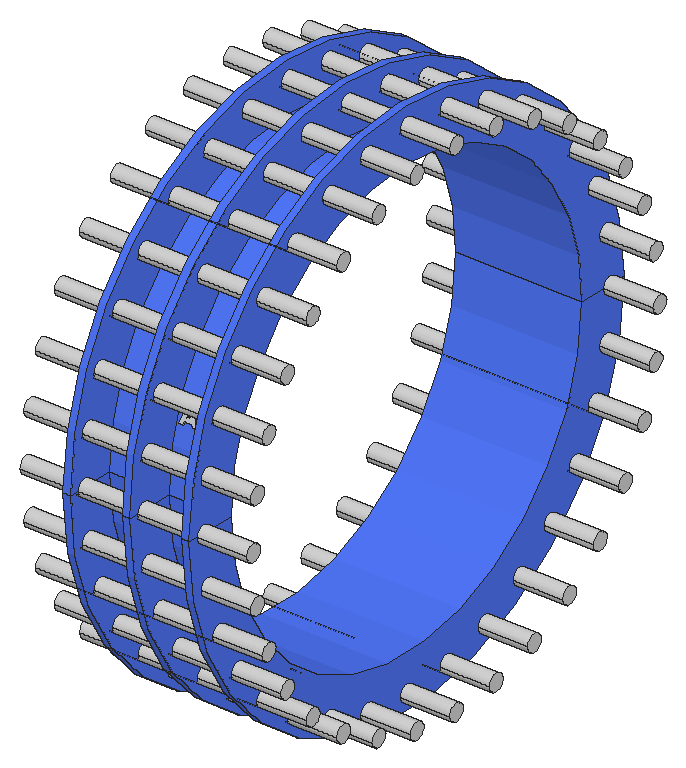
Revit family "873-00-001-DN1100-1200", category Generic Models, Revit 2019
Family settings
  Can host rebar = No
  Round Connector Dimension = Use Diameter
  Part Type = Normal
  Work Plane-Based = No
  Always vertical = Yes
  Cut with Voids When Loaded = No
  Shared = No
  Room Calculation Point = No
Parameters (values of type "DN1200_PN16")
  d2 = size_lookup(Search_table, "d2", 0 mm, DN) / 2  # 742.5 mm
  d1 = size_lookup(Search_table, "d1", 0 mm, DN)  # 1390 mm
  URL product pages = "https://www.avkvalves.com/P.aspx?no=873004000141000"
  T = size_lookup(Search_table, "T", 0 mm, DN)  # 45 mm
  L = size_lookup(Search_table, "L", 0 mm, DN)  # 620 mm
  Id(Radius) = DN / 2  # 600.05 mm
  Flange_thickness = 20 mm  # constant formula
  Description_ = "AVK DISMANTLING JOINT"
  DN = 1200.1 mm
  Search_table = "873-00-001-DN1100-1200"
  Body_Wallthicknss = 10 mm  # constant formula
  Angle = 22.50°  # constant formula
  A = size_lookup(Search_table, "A", 0 mm, DN)  # 345 mm
  873-1200-00-141000 = "DN1200_PN16"
  873-1200-00-041000 = "DN1200_PN10"
  873-1100-00-141000 = "DN1100_PN16"
  873-1100-00-041000 = "DN1100_PN10"
Types (5, lengths in mm): name | d2 | d1 | T | L | Id(Radius) | DN | A
  (no name) | 742.5 | 1390 | 45 | 620 | 600.05 | 1200.1 | 345
  DN1100_PN10 | 670 | 1270 | 33 | 480 | 550 | 1100 | 320
  DN1100_PN16 | 677.5 | 1270 | 39 | 560 | 550.05 | 1100.1 | 320
  DN1200_PN10 | 727.5 | 1380 | 36 | 580 | 600 | 1200 | 345
  DN1200_PN16 | 742.5 | 1390 | 45 | 620 | 600.05 | 1200.1 | 345
Reference planes
  plane 1 "Center (Front/Back)": y = 0
  plane 2: z = 0
  plane 3 "Center (Left/Right)": x = 0
  plane 4: y = 32.5
  plane 5: y = -30
  plane 6: z = 695
  plane 7: z = -695
  plane 8: y = 695
  plane 9: y = -695
  plane 10: x = -310
  plane 11: x = 310
  plane 12: through (0, 0, 0) normal (0, 0.9808, 0.1951)
  plane 13: through (0, 0, 0) normal (0, 0.9239, 0.3827)
  plane 14: through (0, 0, 0) normal (0, 0.8315, 0.5556)
  plane 15: through (0, 0, 0) normal (0, 0.7071, 0.7071)
  plane 16: through (0, 0, 0) normal (0, 0.3827, 0.9239)
  plane 17: through (0, 0, 0) normal (0, 0.9808, -0.1951)
  plane 18: through (0, 0, 0) normal (0, 0.9239, -0.3827)
  plane 19: through (0, 0, 0) normal (0, 0.8315, -0.5556)
  plane 20: through (0, 0, 0) normal (0, 0.5556, -0.8315)
  plane 21: through (0, 0, 0) normal (0, 0.3827, -0.9239)
  plane 22: through (0, 0, 0) normal (0, 0.5556, 0.8315)
  plane 23: through (0, 0, 0) normal (0, 0.7071, -0.7071)
  plane 24: through (0, 0, 0) normal (0, 0.1951, 0.9808)
  plane 25: through (0, 0, 0) normal (0, 0.1951, -0.9808)
  plane 26: x = -172.5
  plane 27: x = 172.5
  plane 28: z = -742.5
  plane 29: z = 742.5
Forms (mm)
  Revolve 1, solid, material "Plastic"
    sketch origin (0, 0, 0) x (1, 0, 0) y (0, 1, 0)
      loop
        line (-152.5, 742.5) -> (-172.5, 742.5) -> (-172.5, 600.05) -> (172.5, 600.05) -> (172.5, 742.5) -> (152.5, 742.5) -> (152.5, 610.05) -> (10, 610.05) -> (10, 742.5) -> (-10, 742.5) -> (-10, 610.05) -> (-152.5, 610.05) -> (-152.5, 742.5)
      axis (-172.5, 0) -> (172.5, 0)
    angle from 0 to 360
  Extrusion 2, solid, material "Stainless Steel AISI 304"
    sketch origin (0, 0, 0) x (0, 1, 0) y (0, 0, 1)
      loop
        circle (0, 695) r 22.5
      loop
        circle (-695, 0) r 22.5
      loop
        circle (0, -695) r 22.5
      loop
        circle (695, 0) r 22.5
      loop
        circle (265.965, 642.096) r 22.5
      loop
        circle (-265.965, -642.096) r 22.5
      loop
        circle (135.588, 681.646) r 22.5
      loop
        circle (-135.588, -681.646) r 22.5
      loop
        circle (386.121, 577.871) r 22.5
      loop
        circle (491.439, 491.439) r 22.5
      loop
        circle (577.871, 386.121) r 22.5
      loop
        circle (642.096, 265.965) r 22.5
      loop
        circle (681.646, 135.588) r 22.5
      loop
        circle (681.646, -135.588) r 22.5
      loop
        circle (642.096, -265.965) r 22.5
      loop
        circle (577.871, -386.121) r 22.5
      loop
        circle (491.439, -491.439) r 22.5
      loop
        circle (386.121, -577.871) r 22.5
      loop
        circle (265.965, -642.096) r 22.5
      loop
        circle (135.588, -681.646) r 22.5
      loop
        circle (-386.121, -577.871) r 22.5
      loop
        circle (-491.439, -491.439) r 22.5
      loop
        circle (-577.871, -386.121) r 22.5
      loop
        circle (-642.096, -265.965) r 22.5
      loop
        circle (-681.646, -135.588) r 22.5
      loop
        circle (-681.646, 135.588) r 22.5
      loop
        circle (-642.096, 265.965) r 22.5
      loop
        circle (-577.871, 386.121) r 22.5
      loop
        circle (-491.439, 491.439) r 22.5
      loop
        circle (-386.121, 577.871) r 22.5
      loop
        circle (-265.965, 642.096) r 22.5
      loop
        circle (-135.588, 681.646) r 22.5
    from -310 to 310
Dimensions and locks
  "Flange_thickness": Revolve 1 sketch curve to Revolve 1 sketch curve  (x3)
  equal spacing: Revolve 1 sketch curve, plane 3 "Center (Left/Right)", Revolve 1 sketch curve  (x2)
  "A": Revolve 1 sketch curve to Revolve 1 sketch curve
  "Id(Radius)": plane 1 "Center (Front/Back)" to Revolve 1 sketch curve
  "Body_Wallthicknss": Revolve 1 sketch curve to Revolve 1 sketch curve
  "d2": plane 1 "Center (Front/Back)" to Revolve 1 sketch curve
  equal spacing: plane 6, level, plane 7
  equal spacing: plane 8, plane 1 "Center (Front/Back)", plane 9
  "d1": plane 8 to plane 9
  "d1": plane 6 to plane 7
  equal spacing: plane 11, plane 3 "Center (Left/Right)", plane 10
  "L": plane 11 to plane 10
  equal spacing: Extrusion 2 sketch curve, level, Extrusion 2 sketch curve
  "d1": Extrusion 2 sketch curve to Extrusion 2 sketch curve  (x16)
  equal spacing: Extrusion 2 sketch curve, plane 1 "Center (Front/Back)", Extrusion 2 sketch curve
  equal spacing: Extrusion 2 sketch curve, plane 24, Extrusion 2 sketch curve
  equal spacing: Extrusion 2 sketch curve, plane 16, Extrusion 2 sketch curve
  equal spacing: Extrusion 2 sketch curve, plane 22, Extrusion 2 sketch curve
  equal spacing: Extrusion 2 sketch curve, plane 15, Extrusion 2 sketch curve
  equal spacing: Extrusion 2 sketch curve, plane 14, Extrusion 2 sketch curve
  equal spacing: Extrusion 2 sketch curve, plane 13, Extrusion 2 sketch curve
  equal spacing: Extrusion 2 sketch curve, plane 12, Extrusion 2 sketch curve
  equal spacing: Extrusion 2 sketch curve, plane 17, Extrusion 2 sketch curve
  equal spacing: Extrusion 2 sketch curve, plane 18, Extrusion 2 sketch curve
  equal spacing: Extrusion 2 sketch curve, plane 19, Extrusion 2 sketch curve
  equal spacing: Extrusion 2 sketch curve, plane 23, Extrusion 2 sketch curve
  equal spacing: Extrusion 2 sketch curve, plane 20, Extrusion 2 sketch curve
  equal spacing: Extrusion 2 sketch curve, plane 21, Extrusion 2 sketch curve
  equal spacing: Extrusion 2 sketch curve, plane 25, Extrusion 2 sketch curve
  equal spacing: plane 27, plane 3 "Center (Left/Right)", plane 26
  "A": plane 27 to plane 26
  plane 6 to plane 7 = 1390 mm
  equal spacing: plane 29, level, plane 28
  "d2": level to plane 28
  plane 29 to plane 28 = 1485 mm
  "T": diameter of Extrusion 2 sketch curve  (x32)
  equal spacing: plane 1 "Center (Front/Back)", plane 17, plane 18, plane 19, plane 23, plane 20, plane 21, plane 25, level
  equal spacing: level, plane 24, plane 16, plane 22, plane 15, plane 14, plane 13, plane 12, plane 1 "Center (Front/Back)"
  aligned and locked: level to plane 2
  aligned and locked: Revolve 1 sketch curve to Revolve 1 sketch curve  (x3)
  aligned and locked: plane 1 "Center (Front/Back)" to Revolve 1 sketch curve
  aligned and locked: Extrusion 2 to plane 10
  aligned and locked: Extrusion 2 to plane 11
Automatic sketch dimensions
  Revolve 1 sketch curve to plane 3 "Center (Left/Right)" = 37.5 mm
  plane 3 "Center (Left/Right)" to Revolve 1 sketch curve = 37.5 mm
  plane 25 to Extrusion 2 sketch curve = 0 mm  (x2)
  Extrusion 2 sketch curve to plane 24 = 0 mm  (x2)
  Extrusion 2 sketch curve to plane 16 = 0 mm  (x2)
  plane 21 to Extrusion 2 sketch curve = 0 mm  (x2)
  Extrusion 2 sketch curve to plane 20 = 0 mm
  Extrusion 2 sketch curve to plane 22 = 0 mm  (x2)
  Extrusion 2 sketch curve to plane 23 = 0 mm
  Extrusion 2 sketch curve to plane 15 = 0 mm  (x2)
  Extrusion 2 sketch curve to plane 19 = 0 mm
  Extrusion 2 sketch curve to plane 14 = 0 mm
  Extrusion 2 sketch curve to plane 18 = 0 mm
  Extrusion 2 sketch curve to plane 13 = 0 mm  (x2)
  Extrusion 2 sketch curve to plane 12 = 0 mm
  plane 17 to Extrusion 2 sketch curve = 0 mm  (x2)
  Extrusion 2 sketch curve to plane 1 "Center (Front/Back)" = 0 mm  (x2)
  plane 12 to Extrusion 2 sketch curve = 0 mm
  plane 18 to Extrusion 2 sketch curve = 0 mm
  plane 19 to Extrusion 2 sketch curve = 0 mm
  plane 14 to Extrusion 2 sketch curve = 0 mm
  plane 23 to Extrusion 2 sketch curve = 0 mm
  plane 20 to Extrusion 2 sketch curve = 0 mm
  Extrusion 2 sketch curve to level = 0 mm  (x2)
Nested families
  nested 1: "LOGO 3" at (81.556, -586.029, 169.501) x (1, 0, 0) z (0, -0.9606, 0.2778), type "LOGO 3"
Connectors
  piping at (172.5, 0, 0), diameter 1200.1, driven by "DN"
    settings: on Revolve 1, index 1, connector inside diameter 609.6 mm, connector length 0 mm, flow factor 0, pipe flow 0.0 L/s, pressure drop 0.0 Pa, fitting loss kfactor 0, connector angle 0.00°, fixture units 0, engagement length 0 mm, angle of deflection 0.00°, flow configuration 0, flow direction 0, fitting loss method 0, system type 7, joint type 0, gender type 0, connector reference index -1, connector utility 0, adjustable connector no, is connector primary yes, connector description ""
  piping at (-172.5, 0, 0), diameter 1200.1, driven by "DN"
    settings: on Revolve 1, index 2, connector inside diameter 609.6 mm, connector length 0 mm, flow factor 0, pipe flow 0.0 L/s, pressure drop 0.0 Pa, fitting loss kfactor 0, connector angle 0.00°, fixture units 0, engagement length 0 mm, angle of deflection 0.00°, flow configuration 0, flow direction 0, fitting loss method 0, system type 7, joint type 0, gender type 0, connector reference index -1, connector utility 0, adjustable connector no, is connector primary no, connector description ""
Definition of nested family "LOGO 3"
  Parameters
    Default Elevation = 1219.2 mm
  Reference planes
    plane 1 "Center (Front/Back)": y = 0
    plane 2: z = 0
    plane 3 "Center (Left/Right)": x = 0
  Forms (mm)
    Extrusion 1, solid
      sketch origin (0, 0, 0) x (1, 0, 0) y (0, 1, 0)
        loop
          line (-1219.2, 1219.2) -> (-1219.2, -1219.2) -> (1219.2, -1219.2) -> (1219.2, 1219.2) -> (-1219.2, 1219.2)
      from 0 to -304.8
    Extrusion 2, solid
      sketch origin (0, 0, 0) x (1, 0, 0) y (0, 1, 0)
        loop
          line (-17.198, 60.343) -> (-63.36, 60.343) -> (-63.36, 47.822) -> (-25.782, 47.822) -> (-6.312, 0) -> (6.312, 0) -> (25.782, 47.822) -> (63.36, 47.822) -> (63.36, 60.343) -> (17.198, 60.343) -> (0, 18.103) -> (-17.198, 60.343)
        loop
          line (-63.36, 42.994) -> (-63.36, 30.926) -> (-51.489, 30.926) -> (-63.36, 0) -> (-49.948, 0) -> (-47.4, 6.638) -> (-27.745, 6.638) -> (-25.043, 0) -> (-11.524, 0) -> (-29.029, 42.994) -> (-63.36, 42.994)
        loop
          line (-44.292, 18.103) -> (-32.413, 18.103) -> (-38.527, 33.12) -> (-44.292, 18.103)
        loop
          line (29.029, 42.994) -> (11.524, 0) -> (25.043, 0) -> (31.926, 16.905) -> (44.665, 0) -> (60.343, 0) -> (45.934, 19.121)
          arc (45.934, 19.121) -> (54.338, 23.268) -> (59.739, 30.926) r 19.008
          line (59.739, 30.926) -> (63.36, 30.926) -> (63.36, 42.994) -> (51.291, 42.994)
          arc (51.291, 42.994) -> (46.893, 32.101) -> (36.164, 27.315) r 15.689
          line (36.164, 27.315) -> (42.548, 42.994) -> (29.029, 42.994)
      from 0 to 1
  Dimensions and locks
    aligned and locked: plane 2 to Extrusion 1
    aligned and locked: level to Extrusion 1
